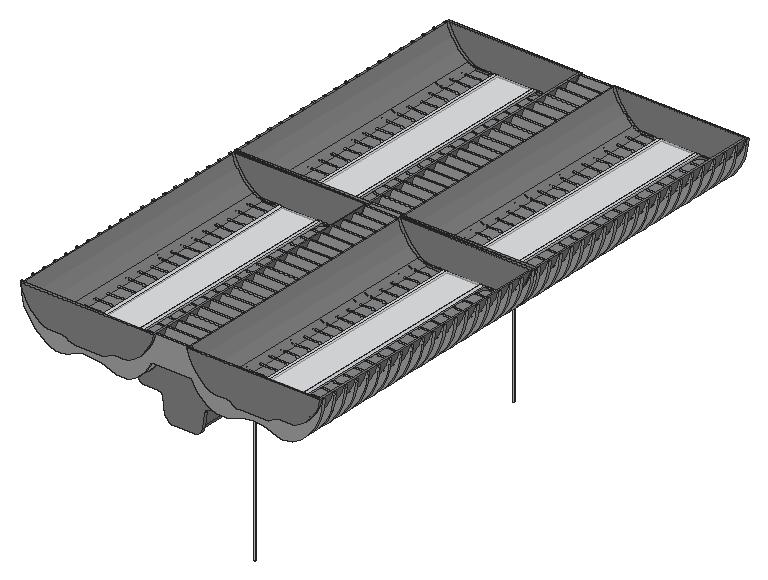
Revit family "0039270 Feilo Sylvania Lighting Fixtures SYLBAY LED 4000K 31KLM AISLE DALI", category Lighting Fixtures, host Face, Revit 2017
Family settings
  Host = Face
  Round Connector Dimension = Use Diameter
  Part Type = Normal
  OmniClass Number = 23.80.70.00
  OmniClass Title = Lighting
  Cut with Voids When Loaded = No
  Light Source = Yes
  Shared = No
  Room Calculation Point = No
Parameters (values of type "0039270 SYLBAY LED 4000K 31KLM AISLE DALI")
  WireRadius_FEILO = 1 mm
  Weight = "8.9 kg"
  Wattage Comments = "n/a"
  Wattage = 235 W
  WarrantyStartDate [instance] = "n/a"
  WarrantyGuarantorParts = "n/a"
  WarrantyDurationUnit = "n/a"
  WarrantyDurationParts = "n/a"
  WarrantyDescription = "n/a"
  built-in parameter 1150110 = 1 (stored number, unit not read)
  Voltage = 230 V
  URL = "http://www.sylvania-lighting.com"
  TypeName = "SYLBAY LED 4000K 31KLM AISLE DALI"
  Type Image = <None>
  Type Comments = "n/a"
  built-in parameter 1114217 = 1 (stored number, unit not read)
  Tilt Angle = -90.00°
  built-in parameter 1150109 = 1 (stored number, unit not read)
  built-in parameter 1150134 = 12
  SuspensionHeight_FEILO [instance] = if(SurfaceMounted_FEILO, 107 mm, SuspensionHeightEntry_FEILO)  # 300 mm
  SuspensionHeightEntry_FEILO [instance] = 300 mm
  SurfaceMounted_FEILO [instance] = no
  built-in parameter 1150113 = 1 (stored number, unit not read)
  SerialNumber [instance] = "n/a"
  ReflectorMaterial = none
  PowerFactor = 0
  PowerConsumption = "235 W"
  Photometric Web File = "0039270.ies"
  NominalLength = 650 mm
  NominalHeight = 105 mm
  NominalDepth = 375 mm
  Name = "SYLBAY LED 4000K 31KLM AISLE DALI"
  ModelReference = "SYLBAY LED 4000K 31KLM AISLE DALI"
  ModelNumber = "0039270"
  Model = "SYLBAY LED 4000K 31KLM AISLE DALI"
  Material = "aluminium housing"
  ManufacturerName = "Feilo Sylvania"
  Manufacturer = "Feilo Sylvania"
  LuminousEfficacy = "129.94 lm/W"
  built-in parameter 1150105 = 37377.9 (stored number, unit not read)
  Lumens = 30535.9 lm
  LuminaireType = ""
  built-in parameter 1150115 = 1 (stored number, unit not read)
  LightOutputRatio = "100"
  built-in parameter 1150137 = (empty or 0)
  built-in parameter 1150139 = (empty or 0)
  LampsType = Lamp  # "LED"
  LampNominalLuminous = "30535 lm"
  LampMacAdamStep = "n/a"
  LampColourTemperature = "4000 K"
  LampColourRenderingIndex = "80"
  built-in parameter 1150112 = 1 (stored number, unit not read)
  built-in parameter 1150114 = 1 (stored number, unit not read)
  Lamp = "LED"
  Keynote = "16500"
  InstallationDate [instance] = "n/a"
  InputVoltage = "220-240V~"
  InputNominalFrequency = "50/60 Hz"
  built-in parameter 1150132 = (empty or 0)
  built-in parameter 1150102 = (empty or 0)
  built-in parameter 1150107 = 4000 (stored number, unit not read)
  built-in parameter 1150138 = (empty or 0)
  IngressProtection = "IP65"
  ImpactProtectionIndex = "IK08"
  built-in parameter 1150106 = 373.78 (stored number, unit not read)
  IfcExportType = "IfcLightFixtureType"
  IfcExportAs = "IfcLightFixtureType"
  ExpectedLife = 50000
  Emit from Rectangle Width = 365 mm
  Emit from Rectangle Length = 645 mm
  Emit Shape Visible in Rendering = no
  ElectricShockClassification = "Class I"
  built-in parameter 1150104 = 12.072 (stored number, unit not read)
  DurationUnit = "hours"
  DocumentationLiterature = "http://www.sylvania-lighting.com/product/en-int/products/0039270"
  DimmingControlOptions = "Dimmable"
  Dimming Lamp Color Temperature Shift = <None>
  DiffuserMaterial = Diffuser-Sylvania-Sylbay-Transparent
  Description = "Specification industrial high bay luminaire, robust and durable, slim design, high output and efficiency, lightweight, aluminium housing with shatter-resistant polycarbonate lens optic, 30,500 lumens, 235W, 130lm/W, 4000K, 1750mA (x2), CRI 80, aisle beam optic, DALI dimmable, IP65, IK08, 100,000 hrs (L90B10), (LxWxH) 665x375x105mm, 3 step MacAdam ellipse, 8.9kg, aluminium finish, Class 1, 220-240V, integrated LED, energy class: A++, A+, A."
  Default Elevation = 1219.2 mm
  CreatedOn = "17/11/2017"
  CreatedBy = ""
  Cost = 0
  Color Filter = 16777215
  built-in parameter 1114216 [instance] = (empty or 0)
  BodyMaterial = Body-Sylvania-Sylbay-Aluminium
  BarCode [instance] = "n/a"
  built-in parameter 1114218 = 1 (stored number, unit not read)
  built-in parameter 1150133 = 10 (stored number, unit not read)
  AssetType = "Fixed"
  AssetIdentifier [instance] = "n/a"
  Assembly Code = "D5020200"
  Apparent Load = 235 VA
  AccessoryMaterial = Accesory-Sylvania-Sylbay-White
Reference planes
  plane 1 "Center (Front/Back)": y = 0
  plane 2: z = 0
  plane 3 "Center (Left/Right)": x = 0
  plane 4: z = 300
  plane 5: y = -307
  plane 6: y = 200
  plane 7: y = -200
  plane 8: z = 237.522
  plane 9: z = 246.272
  plane 10: z = 227.522
  plane 11: z = 266.272
  plane 12: z = 256.272
  plane 13: z = 262.272
  plane 14: y = 307
  plane 15: y = -1
  plane 16: y = 1
  plane 17: y = -310
  plane 18: y = 310
  plane 19: z = 195
  plane 20: z = 193
Forms (mm)
  Extrusion 1, solid, material "Accesory-Sylvania-Sylbay-White" <- "AccessoryMaterial"
    sketch origin (0, 0, 0) x (1, 0, 0) y (0, 0, 1)
      loop
        arc (-39.258, 246.272) -> (-44.534, 242.283) -> (-50.507, 239.445) r 32.519
        arc (-50.507, 239.445) -> (-54.463, 232.388) -> (-48, 227.522) r 6.147
        line (-48, 227.522) -> (-32.102, 227.522)
        arc (-32.102, 227.522) -> (-26.92, 225.616) -> (-24.206, 220.808) r 8
        line (-24.206, 220.808) -> (-21.094, 201.713)
        arc (-21.094, 201.713) -> (-18.38, 196.905) -> (-13.198, 195) r 8
        line (-13.198, 195) -> (13.198, 195)
        arc (13.198, 195) -> (18.393, 196.916) -> (21.099, 201.746) r 8
        line (21.099, 201.746) -> (24.206, 220.808)
        arc (24.206, 220.808) -> (26.92, 225.616) -> (32.102, 227.522) r 8
        line (32.102, 227.522) -> (48, 227.522)
        arc (48, 227.522) -> (54.463, 232.388) -> (50.507, 239.445) r 6.147
        arc (50.507, 239.445) -> (44.534, 242.283) -> (39.258, 246.272) r 32.519
        arc (39.258, 246.272) -> (31.199, 255.531) -> (25.254, 266.272) r 58.361
        line (25.254, 266.272) -> (-25.254, 266.272)
        arc (-25.254, 266.272) -> (-31.199, 255.531) -> (-39.258, 246.272) r 58.361
    from -307 to 307
  Extrusion 2, solid, material "Body-Sylvania-Sylbay-Aluminium" <- "BodyMaterial", detail levels medium+fine
    sketch origin (0, 0, 0) x (1, 0, 0) y (0, 0, 1)
      loop
        arc (-32.102, 225.522) -> (-28.215, 224.093) -> (-26.18, 220.487) r 6
        line (-26.18, 220.487) -> (-23.068, 201.392)
        arc (-23.068, 201.392) -> (-19.676, 195.381) -> (-13.198, 193) r 10
        line (-13.198, 193) -> (13.198, 193)
        arc (13.198, 193) -> (19.69, 195.393) -> (23.074, 201.428) r 10
        line (23.074, 201.428) -> (26.18, 220.487)
        arc (26.18, 220.487) -> (28.215, 224.093) -> (32.102, 225.522) r 6
        line (32.102, 225.522) -> (47.932, 225.522)
        arc (47.932, 225.522) -> (54.718, 228.451) -> (56.343, 235.661) r 8.147
        arc (56.343, 235.661) -> (55.292, 237.506) -> (53.445, 238.553) r 4
        arc (53.445, 238.553) -> (45.865, 241.518) -> (39.258, 246.272) r 32.519
        arc (39.258, 246.272) -> (32.89, 253.237) -> (27.728, 261.137) r 58.361
        arc (27.728, 261.137) -> (25.523, 263.429) -> (22.456, 264.272) r 6
        line (22.456, 264.272) -> (-22.456, 264.272)
        arc (-22.456, 264.272) -> (-25.523, 263.429) -> (-27.728, 261.137) r 6
        arc (-27.728, 261.137) -> (-32.89, 253.237) -> (-39.258, 246.272) r 58.361
        arc (-39.258, 246.272) -> (-45.865, 241.518) -> (-53.445, 238.553) r 32.519
        arc (-53.445, 238.553) -> (-55.292, 237.506) -> (-56.343, 235.661) r 4
        arc (-56.343, 235.661) -> (-54.718, 228.451) -> (-47.932, 225.522) r 8.147
        line (-47.932, 225.522) -> (-32.102, 225.522)
    from 307 to 310
  Extrusion 3, solid, detail levels medium+fine
    sketch origin (0, 0, 0) x (1, 0, 0) y (0, 0, 1)
      loop
        line (-47.932, 225.522) -> (-32.102, 225.522)
        arc (-32.102, 225.522) -> (-28.215, 224.093) -> (-26.18, 220.487) r 6
        line (-26.18, 220.487) -> (-23.068, 201.392)
        arc (-23.068, 201.392) -> (-19.676, 195.381) -> (-13.198, 193) r 10
        line (-13.198, 193) -> (13.198, 193)
        arc (13.198, 193) -> (19.69, 195.393) -> (23.074, 201.428) r 10
        line (23.074, 201.428) -> (26.18, 220.487)
        arc (26.18, 220.487) -> (28.215, 224.093) -> (32.102, 225.522) r 6
        line (32.102, 225.522) -> (47.932, 225.522)
        arc (47.932, 225.522) -> (54.718, 228.451) -> (56.343, 235.661) r 8.147
        arc (56.343, 235.661) -> (55.292, 237.506) -> (53.445, 238.553) r 4
        arc (53.445, 238.553) -> (45.865, 241.518) -> (39.258, 246.272) r 32.519
        arc (39.258, 246.272) -> (32.89, 253.237) -> (27.728, 261.137) r 58.361
        arc (27.728, 261.137) -> (25.523, 263.429) -> (22.456, 264.272) r 6
        line (22.456, 264.272) -> (-22.456, 264.272)
        arc (-22.456, 264.272) -> (-25.523, 263.429) -> (-27.728, 261.137) r 6
        arc (-27.728, 261.137) -> (-32.89, 253.237) -> (-39.258, 246.272) r 58.361
        arc (-39.258, 246.272) -> (-45.865, 241.518) -> (-53.445, 238.553) r 32.519
        arc (-53.445, 238.553) -> (-55.292, 237.506) -> (-56.343, 235.661) r 4
        arc (-56.343, 235.661) -> (-54.718, 228.451) -> (-47.932, 225.522) r 8.147
    from -310 to -307
  Extrusion 4, solid
    sketch origin (-316.531, -4572, 195) x (-1, 0, 0) y (0, -1, 0)
      loop
        circle (-316.531, -4772) r 1
      loop
        circle (-316.531, -4372) r 1
    from 0 to -195
Dimensions and locks
  "SuspensionHeight_FEILO": plane 4 to plane 2
  equal spacing: plane 7, plane 1 "Center (Front/Back)", plane 6
  locked: plane 1 "Center (Front/Back)" to plane 6 at 200
  locked: plane 4 to plane 8 at 62.478
  locked: plane 4 to plane 9 at 53.728
  plane 4 to plane 10 = 72.478 mm
  locked: plane 4 to plane 11 at 33.728
  locked: plane 12 to plane 9 at 10
  locked: plane 13 to plane 12 at 6
  locked: plane 3 "Center (Left/Right)" to Extrusion 1 sketch curve at 48.447
  locked: Extrusion 1 sketch curve to plane 3 "Center (Left/Right)" at 48.447
  locked: plane 4 to Extrusion 1 sketch curve at 66.347  (x2)
  Extrusion 1 sketch curve to plane 3 "Center (Left/Right)" to Extrusion 1 sketch curve = 13.198 mm locked, 13.198 mm locked
  Extrusion 1 sketch curve to plane 3 "Center (Left/Right)" to Extrusion 1 sketch curve = 32.102 mm locked, 32.102 mm locked
  locked: plane 4 to Extrusion 1 sketch curve at 97  (x2)
  locked: plane 4 to Extrusion 1 sketch curve at 80.478  (x2)
  equal spacing: plane 15, plane 1 "Center (Front/Back)", plane 16
  locked: plane 10 to Extrusion 2 sketch curve at 2
  plane 10 to Extrusion 2 sketch curve = 2 mm
  locked: Extrusion 2 sketch curve to Extrusion 1 at 2  (x2)
  locked: Extrusion 2 sketch curve to plane 3 "Center (Left/Right)" at 52.466
  locked: plane 3 "Center (Left/Right)" to Extrusion 2 sketch curve at 52.466
  locked: plane 4 to Extrusion 2 sketch curve at 65.325  (x2)
  locked: plane 4 to Extrusion 2 sketch curve at 41.728  (x2)
  locked: plane 3 "Center (Left/Right)" to Extrusion 2 sketch curve at 22.456
  locked: Extrusion 2 sketch curve to plane 3 "Center (Left/Right)" at 22.456
  locked: plane 4 to plane 19 at 105
  locked: plane 19 to plane 20 at 2
  locked: plane 1 "Center (Front/Back)" to plane 18 at 310
  locked: plane 14 to plane 18 at 3
  locked: plane 17 to plane 1 "Center (Front/Back)" at 310
  locked: plane 17 to plane 5 at 3
  locked: plane 15 to plane 1 "Center (Front/Back)" at 1
  "WireRadius_FEILO": radius of Extrusion 4 sketch curve  (x2)
  aligned and locked: plane 2 to host face
  aligned and locked: level to host face
  aligned and locked: plane 10 to Extrusion 1 sketch curve
  aligned and locked: plane 5 to Extrusion 1
  aligned and locked: Extrusion 1 to plane 14
  aligned and locked: imposter light to plane 4
  aligned and locked: plane 3 "Center (Left/Right)" to imposter light
  aligned and locked: plane 1 "Center (Front/Back)" to imposter light
  aligned and locked: plane 17 to Extrusion 2
  aligned and locked: Extrusion 2 to plane 5
  aligned and locked: Extrusion 3 sketch curve to Extrusion 2  (x15)
  aligned and locked: Extrusion 3 to Extrusion 1
  aligned and locked: Extrusion 3 to plane 18
  aligned and locked: Extrusion 1 sketch curve to plane 19
  aligned and locked: plane 7 to Extrusion 4 sketch curve
  aligned and locked: plane 3 "Center (Left/Right)" to Extrusion 4 sketch curve  (x2)
  aligned and locked: plane 6 to Extrusion 4 sketch curve
  aligned and locked: Extrusion 1 to Extrusion 4
  aligned and locked: Extrusion 4 to level
  aligned and locked: plane 20 to Extrusion 2 sketch curve
  aligned and locked: plane 3 "Center (Left/Right)" to nested 1
  aligned and locked: plane 3 "Center (Left/Right)" to nested 22
  aligned and locked: plane 15 to nested 22
  aligned and locked: plane 16 to nested 1
Automatic sketch dimensions
  host sketch curve to host sketch curve = 2438.4 mm  (x2)
  Extrusion 1 sketch curve to plane 9 = 0 mm  (x4)
  Extrusion 1 sketch curve to plane 10 = 0 mm
  plane 11 to Extrusion 1 sketch curve = 3.811 mm
  Extrusion 1 sketch curve to Extrusion 1 sketch curve = 36.151 mm  (x2)
  Extrusion 1 sketch curve to plane 4 = 10.994 mm  (x2)
  Extrusion 1 sketch curve to plane 11 = 0 mm
  plane 9 to Extrusion 1 sketch curve = 23.811 mm
  Extrusion 1 sketch curve to plane 10 = 6.713 mm  (x2)
  plane 19 to Extrusion 1 sketch curve = 6.713 mm
  Extrusion 3 sketch curve to plane 10 = 7.035 mm  (x2)
  plane 19 to Extrusion 3 sketch curve = 6.392 mm
  plane 19 to Extrusion 1 sketch curve = 6.746 mm
  plane 19 to Extrusion 3 sketch curve = 6.428 mm
  plane 3 "Center (Left/Right)" to Extrusion 1 sketch curve = 25.254 mm
  Extrusion 1 sketch curve to Extrusion 1 sketch curve = 0.447 mm  (x2)
  Extrusion 1 sketch curve to Extrusion 1 sketch curve = 12.959 mm
  Extrusion 2 sketch curve to plane 9 = 0 mm  (x4)
  plane 11 to Extrusion 2 sketch curve = 3.811 mm  (x2)
  Extrusion 2 sketch curve to Extrusion 2 sketch curve = 8.939 mm  (x2)
  Extrusion 2 sketch curve to plane 4 = 10.994 mm  (x2)
  Extrusion 2 sketch curve to Extrusion 2 sketch curve = 17.6 mm  (x2)
  Extrusion 2 sketch curve to Extrusion 2 sketch curve = 4.02 mm  (x2)
  Extrusion 2 sketch curve to Extrusion 2 sketch curve = 0.514 mm
  Extrusion 2 sketch curve to plane 10 = 8 mm
  Extrusion 2 sketch curve to plane 10 = 7.035 mm  (x2)
  plane 19 to Extrusion 2 sketch curve = 6.392 mm
  plane 19 to Extrusion 2 sketch curve = 8 mm
  plane 3 "Center (Left/Right)" to Extrusion 2 sketch curve = 13.198 mm
  plane 19 to Extrusion 2 sketch curve = 6.428 mm
  Extrusion 2 sketch curve to Extrusion 2 sketch curve = 5.922 mm
  Extrusion 2 sketch curve to Extrusion 2 sketch curve = 4.534 mm
  Extrusion 2 sketch curve to plane 8 = 3.869 mm  (x2)
  Extrusion 2 sketch curve to plane 11 = 2 mm
  Extrusion 2 sketch curve to Extrusion 2 sketch curve = 0 mm  (x2)
Nested families
  nested 1: "SylbayBody" at (0, 166, 266.272), type "SylbayBody"
  nested 2: "SlybayRib" at (0, 310.453, 300), type "SylbayRib"
  nested 3: "SlybayRib" at (0, 293.406, 300), type "SylbayRib"
  nested 4: "SlybayRib" at (0, 276.358, 300), type "SylbayRib"
  nested 5: "SlybayRib" at (0, 259.311, 300), type "SylbayRib"
  nested 6: "SlybayRib" at (0, 242.264, 300), type "SylbayRib"
  nested 7: "SlybayRib" at (0, 225.217, 300), type "SylbayRib"
  nested 8: "SlybayRib" at (0, 208.169, 300), type "SylbayRib"
  nested 9: "SlybayRib" at (0, 191.122, 300), type "SylbayRib"
  nested 10: "SlybayRib" at (0, 327.5, 300), type "SylbayRib"
  nested 11: "SlybayRib" at (0, 21.547, 300), type "SylbayRib"
  nested 12: "SlybayRib" at (0, 38.594, 300), type "SylbayRib"
  nested 13: "SlybayRib" at (0, 55.642, 300), type "SylbayRib"
  nested 14: "SlybayRib" at (0, 72.689, 300), type "SylbayRib"
  nested 15: "SlybayRib" at (0, 89.736, 300), type "SylbayRib"
  nested 16: "SlybayRib" at (0, 106.783, 300), type "SylbayRib"
  nested 17: "SlybayRib" at (0, 123.831, 300), type "SylbayRib"
  nested 18: "SlybayRib" at (0, 140.878, 300), type "SylbayRib"
  nested 19: "SlybayRib" at (0, 4.5, 300), type "SylbayRib"
  nested 20: "SlybayRib" at (0, 174.075, 300), type "SylbayRib"
  nested 21: "SlybayRib" at (0, 157.925, 300), type "SylbayRib"
  nested 22: "SylbayBody" at (0, -166, 266.272), type "SylbayBody"
  nested 23: "SlybayRib" at (0, -21.547, 300), type "SylbayRib"
  nested 24: "SlybayRib" at (0, -38.594, 300), type "SylbayRib"
  nested 25: "SlybayRib" at (0, -55.642, 300), type "SylbayRib"
  nested 26: "SlybayRib" at (0, -72.689, 300), type "SylbayRib"
  nested 27: "SlybayRib" at (0, -89.736, 300), type "SylbayRib"
  nested 28: "SlybayRib" at (0, -106.783, 300), type "SylbayRib"
  nested 29: "SlybayRib" at (0, -123.831, 300), type "SylbayRib"
  nested 30: "SlybayRib" at (0, -140.878, 300), type "SylbayRib"
  nested 31: "SlybayRib" at (0, -4.5, 300), type "SylbayRib"
  nested 32: "SlybayRib" at (0, -310.453, 300), type "SylbayRib"
  nested 33: "SlybayRib" at (0, -293.406, 300), type "SylbayRib"
  nested 34: "SlybayRib" at (0, -276.358, 300), type "SylbayRib"
  nested 35: "SlybayRib" at (0, -259.311, 300), type "SylbayRib"
  nested 36: "SlybayRib" at (0, -242.264, 300), type "SylbayRib"
  nested 37: "SlybayRib" at (0, -225.217, 300), type "SylbayRib"
  nested 38: "SlybayRib" at (0, -208.169, 300), type "SylbayRib"
  nested 39: "SlybayRib" at (0, -191.122, 300), type "SylbayRib"
  nested 40: "SlybayRib" at (0, -327.5, 300), type "SylbayRib"
  nested 41: "SlybayRib" at (0, -157.925, 300), type "SylbayRib"
  nested 42: "SlybayRib" at (0, -174.075, 300), type "SylbayRib"
Connectors
  electrical at (0, 0, 0), driven by "Apparent Load"
    settings: index 1, voltage 230 V, apparent load 235 VA, apparent load phase1 0 VA, apparent load phase2 0 VA, apparent load phase3 0 VA, power factor 0, load classification "Lighting", number of poles 1, system type 30, power factor state 1, is connector primary yes, connector utility no, sub classification motor no, connector description ""
Definition of nested family "SylbayBody"
  Parameters (values of type "SylbayBody")
    URL = "http://www.feilosylvania.com"
    Type Image = (empty or 0)
    Type Comments = "n/a"
    RibLast_FEILO = 161.5 mm
    RibDistance_FEILO = RibLast_FEILO / 10  # 16.15 mm
    ReflectorMaterial = none
    Model = ""
    Manufacturer = "Feilo Sylvania"
    Keynote = ""
    DiffuserMaterial = none
    Description = "n/a"
    Default Elevation = 1219.2 mm
    Cost = 0
    BodyMaterial = none
    Assembly Code = "D5020200"
    AccessoryMaterial = none
  Reference planes
    plane 1 "Center (Front/Back)": y = 0
    plane 2: z = 0
    plane 3 "Center (Left/Right)": x = 0
    plane 4: x = -187.5
    plane 5: x = 187.5
    plane 6: z = 33.728
    plane 7: y = -165
    plane 8: y = 165
    plane 9: y = -148
    plane 10: y = 160
    plane 11: y = -160
    plane 12: z = -28.75
    plane 13: z = -20
    plane 14: x = -102.75
    plane 15: x = 102.75
    plane 16: z = 0
    plane 17: x = -185.5
    plane 18: x = -20
    plane 19: z = -10
    plane 20: x = -122.75
    plane 21: x = -82.75
    plane 22: z = -4
    plane 23: x = -130.75
    plane 24: x = -74.75
    plane 25: x = -145.75
    plane 26: x = -59.75
    plane 27: x = -25.3
    plane 28: x = -183.5
    plane 29: x = -22
    plane 30: y = -163
    plane 31: y = 163
    plane 32: x = 25.3
    plane 33: x = -48
    plane 34: x = 48
    plane 35: x = 20
    plane 36: y = 148
    plane 37: y = -161.5
    plane 38: y = 161.5
    plane 39: y = -8.075
    plane 40: y = 8.075
    plane 41: y = -151
    plane 42: y = 151
    plane 43: y = 149
    plane 44: y = 152
    plane 45: z = -2
    plane 46: z = 0
  Forms (mm)
    Extrusion 1, solid
      sketch origin (4.2, 0, 0) x (1, 0, 0) y (0, 1, 0)
        loop
          line (-1219.2, 1219.2) -> (-1219.2, -1219.2) -> (1219.2, -1219.2) -> (1219.2, 1219.2) -> (-1219.2, 1219.2)
      from 0 to -304.8
    Extrusion 2, solid, material <- "BodyMaterial", detail levels coarse+medium
      sketch origin (0, 0, -234.25) x (1, 0, 0) y (0, 0, 1)
        loop
          arc (-187.5, 267.978) -> (-180.003, 237.85) -> (-159.829, 214.25) r 67.598
          arc (-159.829, 214.25) -> (-143.258, 206.411) -> (-125.169, 209.379) r 30.791
          arc (-125.169, 209.379) -> (-113.533, 213.402) -> (-101.25, 214.25) r 46.777
          arc (-101.25, 214.25) -> (-87.202, 212.214) -> (-73.664, 207.942) r 87.865
          arc (-73.664, 207.942) -> (-55.541, 206.076) -> (-39.258, 214.25) r 32.519
          arc (-39.258, 214.25) -> (-31.199, 223.509) -> (-25.254, 234.25) r 58.361
          line (-25.254, 234.25) -> (25.254, 234.25)
          arc (25.254, 234.25) -> (31.199, 223.509) -> (39.258, 214.25) r 58.361
          arc (39.258, 214.25) -> (55.541, 206.076) -> (73.664, 207.942) r 32.519
          arc (73.664, 207.942) -> (87.202, 212.214) -> (101.25, 214.25) r 87.865
          arc (101.25, 214.25) -> (113.533, 213.402) -> (125.169, 209.379) r 46.777
          arc (125.169, 209.379) -> (143.258, 206.411) -> (159.829, 214.25) r 30.791
          arc (159.829, 214.25) -> (180.003, 237.85) -> (187.5, 267.978) r 67.598
          line (187.5, 267.978) -> (185.5, 267.978)
          arc (185.5, 267.978) -> (176.042, 248.665) -> (160.084, 234.25) r 56.823
          arc (160.084, 234.25) -> (153.191, 231.269) -> (145.75, 230.25) r 27.682
          line (145.75, 230.25) -> (132.583, 230.25)
          arc (132.583, 230.25) -> (129.421, 229.737) -> (126.583, 228.25) r 10
          line (126.583, 228.25) -> (123.917, 226.25)
          arc (123.917, 226.25) -> (121.079, 224.763) -> (117.917, 224.25) r 10
          line (117.917, 224.25) -> (84.583, 224.25)
          arc (84.583, 224.25) -> (81.421, 224.763) -> (78.583, 226.25) r 10
          line (78.583, 226.25) -> (75.917, 228.25)
          arc (75.917, 228.25) -> (73.079, 229.737) -> (69.917, 230.25) r 10
          line (69.917, 230.25) -> (58.25, 230.25)
          arc (58.25, 230.25) -> (51.55, 231.273) -> (45.461, 234.25) r 22.443
          arc (45.461, 234.25) -> (30.027, 249.073) -> (20, 267.978) r 67.602
          line (20, 267.978) -> (-20, 267.978)
          arc (-20, 267.978) -> (-30.027, 249.073) -> (-45.461, 234.25) r 67.602
          arc (-45.461, 234.25) -> (-51.55, 231.273) -> (-58.25, 230.25) r 22.443
          line (-58.25, 230.25) -> (-69.917, 230.25)
          arc (-69.917, 230.25) -> (-73.079, 229.737) -> (-75.917, 228.25) r 10
          line (-75.917, 228.25) -> (-78.583, 226.25)
          arc (-78.583, 226.25) -> (-81.421, 224.763) -> (-84.583, 224.25) r 10
          line (-84.583, 224.25) -> (-117.917, 224.25)
          arc (-117.917, 224.25) -> (-121.079, 224.763) -> (-123.917, 226.25) r 10
          line (-123.917, 226.25) -> (-126.583, 228.25)
          arc (-126.583, 228.25) -> (-129.421, 229.737) -> (-132.583, 230.25) r 10
          line (-132.583, 230.25) -> (-145.75, 230.25)
          arc (-145.75, 230.25) -> (-153.191, 231.269) -> (-160.084, 234.25) r 27.682
          arc (-160.084, 234.25) -> (-176.042, 248.665) -> (-185.5, 267.978) r 56.823
          line (-185.5, 267.978) -> (-187.5, 267.978)
      from 160 to -160
    Extrusion 3, solid, material <- "BodyMaterial"
      sketch origin (0, 0, -234.25) x (1, 0, 0) y (0, 0, 1)
        loop
          arc (-145.75, 230.25) -> (-152.168, 231.276) -> (-157.947, 234.25) r 20.597
          arc (-157.947, 234.25) -> (-173.175, 249.257) -> (-183.5, 267.978) r 74.319
          line (-183.5, 267.978) -> (-185.5, 267.978)
          arc (-185.5, 267.978) -> (-176.042, 248.665) -> (-160.084, 234.25) r 56.823
          arc (-160.084, 234.25) -> (-153.191, 231.269) -> (-145.75, 230.25) r 27.682
        loop
          arc (-45.461, 234.25) -> (-30.027, 249.073) -> (-20, 267.978) r 67.602
          line (-20, 267.978) -> (-22, 267.978)
          arc (-22, 267.978) -> (-31.964, 249.398) -> (-46.63, 234.25) r 76.357
          arc (-46.63, 234.25) -> (-52.105, 231.278) -> (-58.25, 230.25) r 18.878
          arc (-58.25, 230.25) -> (-51.55, 231.273) -> (-45.461, 234.25) r 22.443
        loop
          arc (145.75, 230.25) -> (153.191, 231.269) -> (160.084, 234.25) r 27.682
          arc (160.084, 234.25) -> (176.042, 248.665) -> (185.5, 267.978) r 56.823
          line (185.5, 267.978) -> (183.5, 267.978)
          arc (183.5, 267.978) -> (173.175, 249.257) -> (157.947, 234.25) r 74.319
          arc (157.947, 234.25) -> (152.168, 231.276) -> (145.75, 230.25) r 20.597
        loop
          arc (45.461, 234.25) -> (51.55, 231.273) -> (58.25, 230.25) r 22.443
          arc (58.25, 230.25) -> (52.105, 231.278) -> (46.63, 234.25) r 18.878
          arc (46.63, 234.25) -> (31.964, 249.398) -> (22, 267.978) r 76.357
          line (22, 267.978) -> (20, 267.978)
          arc (20, 267.978) -> (30.027, 249.073) -> (45.461, 234.25) r 67.602
      from -160 to 160
    Extrusion 4, solid, material <- "BodyMaterial"
      sketch origin (0, -165, -843.85) x (0, 0, -1) y (1, 0, 0)
        loop
          arc (-837.85, -132.583) -> (-837.439, -130.054) -> (-836.25, -127.783) r 8
          line (-836.25, -127.783) -> (-834.25, -125.117)
          arc (-834.25, -125.117) -> (-832.466, -121.711) -> (-831.85, -117.917) r 12
          line (-831.85, -117.917) -> (-831.85, -84.583)
          arc (-831.85, -84.583) -> (-832.466, -80.789) -> (-834.25, -77.383) r 12
          line (-834.25, -77.383) -> (-836.25, -74.717)
          arc (-836.25, -74.717) -> (-837.439, -72.446) -> (-837.85, -69.917) r 8
          line (-837.85, -69.917) -> (-837.85, -58.25)
          arc (-837.85, -58.25) -> (-838.965, -50.953) -> (-842.206, -44.322) r 24.443
          arc (-842.206, -44.322) -> (-857.666, -28.923) -> (-877.578, -20) r 60.581
          line (-877.578, -20) -> (-877.578, -22)
          arc (-877.578, -22) -> (-858.998, -31.964) -> (-843.85, -46.63) r 76.357
          arc (-843.85, -46.63) -> (-840.878, -52.105) -> (-839.85, -58.25) r 18.878
          line (-839.85, -58.25) -> (-839.85, -69.917)
          arc (-839.85, -69.917) -> (-839.337, -73.079) -> (-837.85, -75.917) r 10
          line (-837.85, -75.917) -> (-835.85, -78.583)
          arc (-835.85, -78.583) -> (-834.363, -81.421) -> (-833.85, -84.583) r 10
          line (-833.85, -84.583) -> (-833.85, -117.917)
          arc (-833.85, -117.917) -> (-834.363, -121.079) -> (-835.85, -123.917) r 10
          line (-835.85, -123.917) -> (-837.85, -126.583)
          arc (-837.85, -126.583) -> (-839.337, -129.421) -> (-839.85, -132.583) r 10
          line (-839.85, -132.583) -> (-839.85, -145.75)
          arc (-839.85, -145.75) -> (-840.876, -152.168) -> (-843.85, -157.947) r 20.597
          arc (-843.85, -157.947) -> (-858.857, -173.175) -> (-877.578, -183.5) r 74.319
          line (-877.578, -183.5) -> (-877.578, -185.5)
          arc (-877.578, -185.5) -> (-857.235, -177.123) -> (-842.139, -161.119) r 52.287
          arc (-842.139, -161.119) -> (-838.942, -153.728) -> (-837.85, -145.75) r 29.682
          line (-837.85, -145.75) -> (-837.85, -132.583)
        loop
          line (-837.85, 132.583) -> (-837.85, 145.75)
          arc (-837.85, 145.75) -> (-838.942, 153.728) -> (-842.139, 161.119) r 29.682
          arc (-842.139, 161.119) -> (-857.235, 177.123) -> (-877.578, 185.5) r 52.287
          line (-877.578, 185.5) -> (-877.578, 183.5)
          arc (-877.578, 183.5) -> (-858.857, 173.175) -> (-843.85, 157.947) r 74.319
          arc (-843.85, 157.947) -> (-840.876, 152.168) -> (-839.85, 145.75) r 20.597
          line (-839.85, 145.75) -> (-839.85, 132.583)
          arc (-839.85, 132.583) -> (-839.337, 129.421) -> (-837.85, 126.583) r 10
          line (-837.85, 126.583) -> (-835.85, 123.917)
          arc (-835.85, 123.917) -> (-834.363, 121.079) -> (-833.85, 117.917) r 10
          line (-833.85, 117.917) -> (-833.85, 84.583)
          arc (-833.85, 84.583) -> (-834.363, 81.421) -> (-835.85, 78.583) r 10
          line (-835.85, 78.583) -> (-837.85, 75.917)
          arc (-837.85, 75.917) -> (-839.337, 73.079) -> (-839.85, 69.917) r 10
          line (-839.85, 69.917) -> (-839.85, 58.25)
          arc (-839.85, 58.25) -> (-840.878, 52.105) -> (-843.85, 46.63) r 18.878
          arc (-843.85, 46.63) -> (-858.998, 31.964) -> (-877.578, 22) r 76.357
          line (-877.578, 22) -> (-877.578, 20)
          arc (-877.578, 20) -> (-857.666, 28.923) -> (-842.206, 44.322) r 60.581
          arc (-842.206, 44.322) -> (-838.965, 50.953) -> (-837.85, 58.25) r 24.443
          line (-837.85, 58.25) -> (-837.85, 69.917)
          arc (-837.85, 69.917) -> (-837.439, 72.446) -> (-836.25, 74.717) r 8
          line (-836.25, 74.717) -> (-834.25, 77.383)
          arc (-834.25, 77.383) -> (-832.466, 80.789) -> (-831.85, 84.583) r 12
          line (-831.85, 84.583) -> (-831.85, 117.917)
          arc (-831.85, 117.917) -> (-832.466, 121.711) -> (-834.25, 125.117) r 12
          line (-834.25, 125.117) -> (-836.25, 127.783)
          arc (-836.25, 127.783) -> (-837.439, 130.054) -> (-837.85, 132.583) r 8
      from -2 to -5
    Extrusion 5, solid, material <- "BodyMaterial"
      sketch origin (0, 165, -843.85) x (0, 0, -1) y (1, 0, 0)
        loop
          line (-831.85, -117.917) -> (-831.85, -84.583)
          arc (-831.85, -84.583) -> (-832.466, -80.789) -> (-834.25, -77.383) r 12
          line (-834.25, -77.383) -> (-836.25, -74.717)
          arc (-836.25, -74.717) -> (-837.439, -72.446) -> (-837.85, -69.917) r 8
          line (-837.85, -69.917) -> (-837.85, -58.25)
          arc (-837.85, -58.25) -> (-838.965, -50.953) -> (-842.206, -44.322) r 24.443
          arc (-842.206, -44.322) -> (-857.666, -28.923) -> (-877.578, -20) r 60.581
          line (-877.578, -20) -> (-877.578, -22)
          arc (-877.578, -22) -> (-858.998, -31.964) -> (-843.85, -46.63) r 76.357
          arc (-843.85, -46.63) -> (-840.878, -52.105) -> (-839.85, -58.25) r 18.878
          line (-839.85, -58.25) -> (-839.85, -69.917)
          arc (-839.85, -69.917) -> (-839.337, -73.079) -> (-837.85, -75.917) r 10
          line (-837.85, -75.917) -> (-835.85, -78.583)
          arc (-835.85, -78.583) -> (-834.363, -81.421) -> (-833.85, -84.583) r 10
          line (-833.85, -84.583) -> (-833.85, -117.917)
          arc (-833.85, -117.917) -> (-834.363, -121.079) -> (-835.85, -123.917) r 10
          line (-835.85, -123.917) -> (-837.85, -126.583)
          arc (-837.85, -126.583) -> (-839.337, -129.421) -> (-839.85, -132.583) r 10
          line (-839.85, -132.583) -> (-839.85, -145.75)
          arc (-839.85, -145.75) -> (-840.876, -152.168) -> (-843.85, -157.947) r 20.597
          arc (-843.85, -157.947) -> (-858.857, -173.175) -> (-877.578, -183.5) r 74.319
          line (-877.578, -183.5) -> (-877.578, -185.5)
          arc (-877.578, -185.5) -> (-857.235, -177.123) -> (-842.139, -161.119) r 52.287
          arc (-842.139, -161.119) -> (-838.942, -153.728) -> (-837.85, -145.75) r 29.682
          line (-837.85, -145.75) -> (-837.85, -132.583)
          arc (-837.85, -132.583) -> (-837.439, -130.054) -> (-836.25, -127.783) r 8
          line (-836.25, -127.783) -> (-834.25, -125.117)
          arc (-834.25, -125.117) -> (-832.466, -121.711) -> (-831.85, -117.917) r 12
        loop
          line (-831.85, 84.583) -> (-831.85, 117.917)
          arc (-831.85, 117.917) -> (-832.466, 121.711) -> (-834.25, 125.117) r 12
          line (-834.25, 125.117) -> (-836.25, 127.783)
          arc (-836.25, 127.783) -> (-837.439, 130.054) -> (-837.85, 132.583) r 8
          line (-837.85, 132.583) -> (-837.85, 145.75)
          arc (-837.85, 145.75) -> (-838.942, 153.728) -> (-842.139, 161.119) r 29.682
          arc (-842.139, 161.119) -> (-857.235, 177.123) -> (-877.578, 185.5) r 52.287
          line (-877.578, 185.5) -> (-877.578, 183.5)
          arc (-877.578, 183.5) -> (-858.857, 173.175) -> (-843.85, 157.947) r 74.319
          arc (-843.85, 157.947) -> (-840.876, 152.168) -> (-839.85, 145.75) r 20.597
          line (-839.85, 145.75) -> (-839.85, 132.583)
          arc (-839.85, 132.583) -> (-839.337, 129.421) -> (-837.85, 126.583) r 10
          line (-837.85, 126.583) -> (-835.85, 123.917)
          arc (-835.85, 123.917) -> (-834.363, 121.079) -> (-833.85, 117.917) r 10
          line (-833.85, 117.917) -> (-833.85, 84.583)
          arc (-833.85, 84.583) -> (-834.363, 81.421) -> (-835.85, 78.583) r 10
          line (-835.85, 78.583) -> (-837.85, 75.917)
          arc (-837.85, 75.917) -> (-839.337, 73.079) -> (-839.85, 69.917) r 10
          line (-839.85, 69.917) -> (-839.85, 58.25)
          arc (-839.85, 58.25) -> (-840.878, 52.105) -> (-843.85, 46.63) r 18.878
          arc (-843.85, 46.63) -> (-858.998, 31.964) -> (-877.578, 22) r 76.357
          line (-877.578, 22) -> (-877.578, 20)
          arc (-877.578, 20) -> (-857.666, 28.923) -> (-842.206, 44.322) r 60.581
          arc (-842.206, 44.322) -> (-838.965, 50.953) -> (-837.85, 58.25) r 24.443
          line (-837.85, 58.25) -> (-837.85, 69.917)
          arc (-837.85, 69.917) -> (-837.439, 72.446) -> (-836.25, 74.717) r 8
          line (-836.25, 74.717) -> (-834.25, 77.383)
          arc (-834.25, 77.383) -> (-832.466, 80.789) -> (-831.85, 84.583) r 12
      from 2 to 5
    Extrusion 6, solid, material <- "BodyMaterial"
      sketch origin (0, 165, -843.85) x (0, 0, -1) y (1, 0, 0)
        loop
          arc (-842.206, -44.322) -> (-857.666, -28.923) -> (-877.578, -20) r 60.581
          line (-877.578, -20) -> (-877.578, -185.5)
          arc (-877.578, -185.5) -> (-857.235, -177.123) -> (-842.139, -161.119) r 52.287
          arc (-842.139, -161.119) -> (-838.942, -153.728) -> (-837.85, -145.75) r 29.682
          line (-837.85, -145.75) -> (-837.85, -132.583)
          arc (-837.85, -132.583) -> (-837.439, -130.054) -> (-836.25, -127.783) r 8
          line (-836.25, -127.783) -> (-834.25, -125.117)
          arc (-834.25, -125.117) -> (-832.466, -121.711) -> (-831.85, -117.917) r 12
          line (-831.85, -117.917) -> (-831.85, -84.583)
          arc (-831.85, -84.583) -> (-832.466, -80.789) -> (-834.25, -77.383) r 12
          line (-834.25, -77.383) -> (-836.25, -74.717)
          arc (-836.25, -74.717) -> (-837.439, -72.446) -> (-837.85, -69.917) r 8
          line (-837.85, -69.917) -> (-837.85, -58.25)
          arc (-837.85, -58.25) -> (-838.965, -50.953) -> (-842.206, -44.322) r 24.443
        loop
          arc (-877.578, 20) -> (-857.666, 28.923) -> (-842.206, 44.322) r 60.581
          arc (-842.206, 44.322) -> (-838.965, 50.953) -> (-837.85, 58.25) r 24.443
          line (-837.85, 58.25) -> (-837.85, 69.917)
          arc (-837.85, 69.917) -> (-837.439, 72.446) -> (-836.25, 74.717) r 8
          line (-836.25, 74.717) -> (-834.25, 77.383)
          arc (-834.25, 77.383) -> (-832.466, 80.789) -> (-831.85, 84.583) r 12
          line (-831.85, 84.583) -> (-831.85, 117.917)
          arc (-831.85, 117.917) -> (-832.466, 121.711) -> (-834.25, 125.117) r 12
          line (-834.25, 125.117) -> (-836.25, 127.783)
          arc (-836.25, 127.783) -> (-837.439, 130.054) -> (-837.85, 132.583) r 8
          line (-837.85, 132.583) -> (-837.85, 145.75)
          arc (-837.85, 145.75) -> (-838.942, 153.728) -> (-842.139, 161.119) r 29.682
          arc (-842.139, 161.119) -> (-857.235, 177.123) -> (-877.578, 185.5) r 52.287
          line (-877.578, 185.5) -> (-877.578, 20)
      from 0 to 2
    Extrusion 7, solid, material <- "BodyMaterial"
      sketch origin (0, -165, -843.85) x (0, 0, -1) y (1, 0, 0)
        loop
          line (-877.578, -20) -> (-877.578, -185.5)
          arc (-877.578, -185.5) -> (-857.235, -177.123) -> (-842.139, -161.119) r 52.287
          arc (-842.139, -161.119) -> (-838.942, -153.728) -> (-837.85, -145.75) r 29.682
          line (-837.85, -145.75) -> (-837.85, -132.583)
          arc (-837.85, -132.583) -> (-837.439, -130.054) -> (-836.25, -127.783) r 8
          line (-836.25, -127.783) -> (-834.25, -125.117)
          arc (-834.25, -125.117) -> (-832.466, -121.711) -> (-831.85, -117.917) r 12
          line (-831.85, -117.917) -> (-831.85, -84.583)
          arc (-831.85, -84.583) -> (-832.466, -80.789) -> (-834.25, -77.383) r 12
          line (-834.25, -77.383) -> (-836.25, -74.717)
          arc (-836.25, -74.717) -> (-837.439, -72.446) -> (-837.85, -69.917) r 8
          line (-837.85, -69.917) -> (-837.85, -58.25)
          arc (-837.85, -58.25) -> (-838.965, -50.953) -> (-842.206, -44.322) r 24.443
          arc (-842.206, -44.322) -> (-857.666, -28.923) -> (-877.578, -20) r 60.581
        loop
          line (-877.578, 185.5) -> (-877.578, 20)
          arc (-877.578, 20) -> (-857.666, 28.923) -> (-842.206, 44.322) r 60.581
          arc (-842.206, 44.322) -> (-838.965, 50.953) -> (-837.85, 58.25) r 24.443
          line (-837.85, 58.25) -> (-837.85, 69.917)
          arc (-837.85, 69.917) -> (-837.439, 72.446) -> (-836.25, 74.717) r 8
          line (-836.25, 74.717) -> (-834.25, 77.383)
          arc (-834.25, 77.383) -> (-832.466, 80.789) -> (-831.85, 84.583) r 12
          line (-831.85, 84.583) -> (-831.85, 117.917)
          arc (-831.85, 117.917) -> (-832.466, 121.711) -> (-834.25, 125.117) r 12
          line (-834.25, 125.117) -> (-836.25, 127.783)
          arc (-836.25, 127.783) -> (-837.439, 130.054) -> (-837.85, 132.583) r 8
          line (-837.85, 132.583) -> (-837.85, 145.75)
          arc (-837.85, 145.75) -> (-838.942, 153.728) -> (-842.139, 161.119) r 29.682
          arc (-842.139, 161.119) -> (-857.235, 177.123) -> (-877.578, 185.5) r 52.287
      from 0 to -2
    Extrusion 8, solid, detail levels medium+fine
      sketch origin (0, 0, -234.25) x (1, 0, 0) y (0, 0, 1)
        loop
          arc (-123.917, 226.25) -> (-121.079, 224.763) -> (-117.917, 224.25) r 10
          line (-117.917, 224.25) -> (-84.583, 224.25)
          arc (-84.583, 224.25) -> (-81.421, 224.763) -> (-78.583, 226.25) r 10
          line (-78.583, 226.25) -> (-75.917, 228.25)
          arc (-75.917, 228.25) -> (-75.417, 229.25) -> (-75.917, 230.25) r 1.25
          line (-75.917, 230.25) -> (-79.782, 230.25) -> (-79.782, 228.278) -> (-122.75, 228.278) -> (-122.75, 230.25) -> (-126.583, 230.25)
          arc (-126.583, 230.25) -> (-127.083, 229.25) -> (-126.583, 228.25) r 1.25
          line (-126.583, 228.25) -> (-123.917, 226.25)
        loop
          line (123.917, 226.25) -> (126.583, 228.25)
          arc (126.583, 228.25) -> (127.083, 229.25) -> (126.583, 230.25) r 1.25
          line (126.583, 230.25) -> (122.75, 230.25) -> (122.75, 228.278) -> (79.782, 228.278) -> (79.782, 230.25) -> (75.917, 230.25)
          arc (75.917, 230.25) -> (75.417, 229.25) -> (75.917, 228.25) r 1.25
          line (75.917, 228.25) -> (78.583, 226.25)
          arc (78.583, 226.25) -> (81.421, 224.763) -> (84.583, 224.25) r 10
          line (84.583, 224.25) -> (117.917, 224.25)
          arc (117.917, 224.25) -> (121.079, 224.763) -> (123.917, 226.25) r 10
      from -163 to 163
    Extrusion 9, solid, material <- "DiffuserMaterial", detail levels medium+fine
      sketch origin (0, 0, -234.25) x (1, 0, 0) y (0, 0, 1)
        loop
          line (-122.75, 230.25) -> (-122.75, 228.278) -> (-79.782, 228.278) -> (-79.782, 230.25) -> (-122.75, 230.25)
        loop
          line (79.782, 230.25) -> (79.782, 228.278) -> (122.75, 228.278) -> (122.75, 230.25) -> (79.782, 230.25)
      from -163 to 163
  Cuts and joins
    joined: Extrusion 3, Extrusion 4, Extrusion 5, Extrusion 6, Extrusion 7
  Dimensions and locks
    equal spacing: plane 5, plane 3 "Center (Left/Right)", plane 4
    locked: plane 5 to plane 4 at 375
    equal spacing: plane 7, plane 1 "Center (Front/Back)", plane 8
    locked: plane 7 to plane 8 at 330
    locked: plane 6 to plane 12 at 62.478
    locked: plane 6 to plane 13 at 53.728
    equal spacing: plane 15, plane 3 "Center (Left/Right)", plane 14
    plane 3 "Center (Left/Right)" to plane 14 = 102.75 mm
    locked: plane 6 to plane 16 at 33.728
    equal spacing: plane 18, plane 14, plane 17
    locked: plane 19 to plane 13 at 10
    equal spacing: plane 21, plane 14, plane 20
    locked: plane 14 to plane 20 at 20
    locked: plane 22 to plane 19 at 6
    equal spacing: plane 24, plane 14, plane 23
    locked: plane 20 to plane 23 at 8
    equal spacing: plane 26, plane 14, plane 25
    locked: plane 23 to plane 25 at 15
    locked: plane 18 to plane 27 at 5.3
    locked: plane 3 "Center (Left/Right)" to Extrusion 2 sketch curve at 83.982  (x2)
    locked: plane 3 "Center (Left/Right)" to Extrusion 2 sketch curve at 79.005  (x2)
    locked: plane 3 "Center (Left/Right)" to Extrusion 2 sketch curve at 119.907  (x2)
    locked: plane 3 "Center (Left/Right)" to Extrusion 2 sketch curve at 61.405  (x2)
    locked: plane 3 "Center (Left/Right)" to Extrusion 2 sketch curve at 138.973  (x2)
    locked: plane 3 "Center (Left/Right)" to Extrusion 2 sketch curve at 84.583  (x2)
    locked: plane 3 "Center (Left/Right)" to Extrusion 2 sketch curve at 117.917  (x2)
    locked: plane 3 "Center (Left/Right)" to Extrusion 2 sketch curve at 132.583  (x2)
    locked: plane 3 "Center (Left/Right)" to Extrusion 2 sketch curve at 69.917  (x2)
    locked: Extrusion 2 sketch curve to plane 6 at 21.825  (x2)
    locked: Extrusion 2 sketch curve to plane 6 at 0.822  (x2)
    locked: plane 6 to Extrusion 2 sketch curve at 10.994  (x2)
    locked: plane 6 to Extrusion 2 sketch curve at 15.285  (x2)
    locked: plane 6 to Extrusion 2 sketch curve at 31.076  (x2)
    locked: plane 6 to Extrusion 2 sketch curve at 33.728  (x4)
    locked: plane 6 to Extrusion 2 sketch curve at 29.917  (x2)
    locked: plane 6 to Extrusion 2 sketch curve at 47.728  (x4)
    locked: plane 6 to Extrusion 2 sketch curve at 100.413  (x2)
    locked: plane 6 to Extrusion 2 sketch curve at 141.419  (x2)
    locked: plane 3 "Center (Left/Right)" to Extrusion 2 sketch curve at 106.788  (x2)
    locked: plane 3 "Center (Left/Right)" to Extrusion 2 sketch curve at 104.198  (x2)
    locked: plane 3 "Center (Left/Right)" to Extrusion 2 sketch curve at 145.75  (x2)
    locked: plane 6 to Extrusion 2 sketch curve at 10.046  (x2)
    locked: Extrusion 2 sketch curve to plane 6 at 14.884  (x2)
    locked: plane 3 "Center (Left/Right)" to Extrusion 2 sketch curve at 130.661  (x2)
    equal spacing: plane 29, plane 14, plane 28
    locked: plane 28 to plane 17 at 2
    locked: plane 3 "Center (Left/Right)" to Extrusion 3 sketch curve at 58.25  (x2)
    locked: plane 3 "Center (Left/Right)" to Extrusion 3 sketch curve at 93.629  (x2)
    locked: plane 3 "Center (Left/Right)" to Extrusion 3 sketch curve at 113.936  (x2)
    locked: plane 3 "Center (Left/Right)" to Extrusion 3 sketch curve at 145.75  (x2)
    locked: plane 6 to Extrusion 3 sketch curve at 18.85  (x2)
    locked: plane 6 to Extrusion 3 sketch curve at 17.131  (x2)
    equal spacing: plane 11, plane 1 "Center (Front/Back)", plane 10
    plane 11 to plane 1 "Center (Front/Back)" = 160 mm
    equal spacing: plane 30, plane 1 "Center (Front/Back)", plane 31
    locked: plane 7 to plane 30 at 2
    locked: plane 22 to Extrusion 4 sketch curve at 2  (x4)
    locked: plane 19 to Extrusion 4 sketch curve at 2  (x2)
    locked: Extrusion 2 to Extrusion 4 sketch curve at 2  (x3)
    locked: Extrusion 4 sketch curve to Extrusion 2 at 2
    locked: Extrusion 8 sketch curve to plane 20 at 42.968
    locked: plane 22 to Extrusion 8 sketch curve at 1.972  (x2)
    locked: Extrusion 8 sketch curve to Extrusion 8 sketch curve at 42.968
    locked: plane 15 to Extrusion 8 sketch curve at 22.968
    equal spacing: plane 32, plane 3 "Center (Left/Right)", plane 27
    equal spacing: plane 34, plane 3 "Center (Left/Right)", plane 33
    plane 3 "Center (Left/Right)" to plane 33 = 48 mm
    equal spacing: plane 35, plane 3 "Center (Left/Right)", plane 18
    locked: plane 3 "Center (Left/Right)" to plane 18 at 20
    equal spacing: plane 9, plane 1 "Center (Front/Back)", plane 36
    locked: plane 9 to plane 1 "Center (Front/Back)" at 148
    equal spacing: plane 37, plane 1 "Center (Front/Back)", plane 38
    "RibLast_FEILO": plane 37 to plane 1 "Center (Front/Back)"
    equal spacing: plane 39, plane 1 "Center (Front/Back)", plane 40
    "RibDistance_FEILO": plane 39 to plane 40
    equal spacing: group 1, group 3, group 4, group 5, group 6, group 7, group 8, group 9, group 10, group 2  (x2)
    equal spacing: group 2, group 10, group 9, group 8, group 7, group 6, group 5, group 4, group 3, group 1
    equal spacing: group 11, group 13, group 14, group 15, group 16, group 17, group 18, group 19, group 20, group 12  (x3)
    equal spacing: plane 41, plane 1 "Center (Front/Back)", plane 42
    locked: plane 36 to plane 42 at 3
    locked: plane 36 to plane 43 at 1
    locked: plane 36 to plane 44 at 4
    locked: plane 16 to plane 45 at 2
    aligned and locked: plane 2 to Extrusion 1
    aligned and locked: level to Extrusion 1
    aligned and locked: plane 6 to Extrusion 2 sketch curve  (x2)
    aligned and locked: plane 4 to Extrusion 2 sketch curve
    aligned and locked: plane 22 to Extrusion 2 sketch curve
    aligned and locked: plane 19 to Extrusion 2 sketch curve
    aligned and locked: Extrusion 2 sketch curve to plane 22
    aligned and locked: plane 13 to Extrusion 2 sketch curve  (x3)
    aligned and locked: plane 11 to Extrusion 2
    aligned and locked: plane 17 to Extrusion 2 sketch curve
    aligned and locked: plane 25 to Extrusion 2 sketch curve
    aligned and locked: Extrusion 2 sketch curve to plane 6  (x3)
    aligned and locked: Extrusion 2 sketch curve to plane 16
    aligned and locked: Extrusion 3 sketch curve to Extrusion 2  (x5)
    aligned and locked: plane 16 to Extrusion 3 sketch curve
    aligned and locked: plane 28 to Extrusion 3 sketch curve
    aligned and locked: plane 6 to Extrusion 3 sketch curve  (x2)
    aligned and locked: plane 29 to Extrusion 3 sketch curve
    aligned and locked: Extrusion 3 sketch curve to plane 6  (x2)
    aligned and locked: Extrusion 2 to plane 10
    aligned and locked: Extrusion 3 to plane 10
    aligned and locked: plane 11 to Extrusion 3
    aligned and locked: Extrusion 4 sketch curve to Extrusion 3  (x6)
    aligned and locked: Extrusion 4 sketch curve to Extrusion 2  (x4)
    aligned and locked: Extrusion 4 to plane 11
    aligned and locked: Extrusion 5 sketch curve to Extrusion 4  (x36)
    aligned and locked: plane 10 to Extrusion 5
    aligned and locked: Extrusion 5 to plane 31
    aligned and locked: plane 30 to Extrusion 4
    aligned and locked: Extrusion 6 sketch curve to Extrusion 4  (x16)
    aligned and locked: Extrusion 6 sketch curve to Extrusion 2
    aligned and locked: Extrusion 6 sketch curve to Extrusion 3
    aligned and locked: plane 31 to Extrusion 6
    aligned and locked: Extrusion 6 to plane 8
    aligned and locked: Extrusion 7 sketch curve to Extrusion 6  (x18)
    aligned and locked: Extrusion 7 to plane 30
    aligned and locked: plane 7 to Extrusion 7
    aligned and locked: Extrusion 8 sketch curve to cut or joined group of Extrusion 3, Extrusion 4, Extrusion 5, Extrusion 6, Extrusion 7  (x3)
    aligned and locked: plane 22 to Extrusion 8 sketch curve  (x4)
    aligned and locked: Extrusion 8 sketch curve to plane 22  (x4)
    aligned and locked: plane 20 to Extrusion 8 sketch curve
    aligned and locked: Extrusion 8 to plane 31
    aligned and locked: plane 30 to Extrusion 8
    aligned and locked: Extrusion 9 sketch curve to Extrusion 8  (x8)
    aligned and locked: plane 30 to Extrusion 9
    aligned and locked: Extrusion 9 to plane 31
    aligned and locked: plane 3 "Center (Left/Right)" to nested 1
    aligned and locked: plane 39 to nested 1
    aligned and locked: plane 3 "Center (Left/Right)" to nested 2
    aligned and locked: plane 40 to nested 2
    aligned and locked: plane 2 to plane 46
    aligned and locked: plane 16 to level
  Automatic sketch dimensions
    Extrusion 1 sketch curve to Extrusion 1 sketch curve = 2438.4 mm  (x2)
    Extrusion 2 sketch curve to plane 16 = 0 mm  (x6)
    Extrusion 2 sketch curve to plane 13 = 0 mm  (x7)
    Extrusion 2 sketch curve to plane 35 = 0 mm
    Extrusion 2 sketch curve to plane 5 = 0 mm
    Extrusion 2 sketch curve to plane 19 = 0 mm
    Extrusion 2 sketch curve to plane 22 = 2 mm  (x3)
    Extrusion 2 sketch curve to plane 20 = 1.167 mm
    plane 19 to Extrusion 2 sketch curve = 2 mm  (x3)
    Extrusion 2 sketch curve to plane 24 = 1.167 mm
    Extrusion 3 sketch curve to plane 16 = 0 mm  (x11)
    Extrusion 3 sketch curve to plane 35 = 0 mm
    Extrusion 3 sketch curve to plane 22 = 0 mm  (x4)
    Extrusion 3 sketch curve to Extrusion 3 sketch curve = 9.647 mm
    Extrusion 3 sketch curve to Extrusion 3 sketch curve = 16.725 mm
    Extrusion 3 sketch curve to plane 5 = 2 mm
    Extrusion 4 sketch curve to Extrusion 4 sketch curve = 0 mm  (x13)
    Extrusion 4 sketch curve to plane 6 = 0 mm  (x2)
    Extrusion 4 sketch curve to plane 25 = 0 mm
    Extrusion 4 sketch curve to plane 16 = 0 mm  (x6)
    Extrusion 4 sketch curve to plane 22 = 0 mm  (x2)
    Extrusion 4 sketch curve to plane 19 = 0 mm
    Extrusion 4 sketch curve to plane 17 = 0 mm
    Extrusion 4 sketch curve to plane 18 = 0 mm
    Extrusion 4 sketch curve to plane 35 = 0 mm
    Extrusion 4 sketch curve to plane 15 = 9.121 mm
    plane 6 to Extrusion 4 sketch curve = 26.45 mm
    plane 15 to Extrusion 4 sketch curve = 11.186 mm
    Extrusion 4 sketch curve to Extrusion 4 sketch curve = 0.292 mm
    plane 6 to Extrusion 4 sketch curve = 14.412 mm  (x2)
    plane 21 to Extrusion 4 sketch curve = 3.909 mm
    Extrusion 4 sketch curve to plane 23 = 3.295 mm
    plane 6 to Extrusion 4 sketch curve = 9.292 mm  (x2)
    Extrusion 4 sketch curve to Extrusion 4 sketch curve = 7.085 mm  (x2)
    Extrusion 4 sketch curve to plane 6 = 10.046 mm
    plane 34 to Extrusion 4 sketch curve = 10.25 mm
    Extrusion 4 sketch curve to plane 6 = 15.285 mm
    plane 26 to Extrusion 4 sketch curve = 1.5 mm
    Extrusion 4 sketch curve to Extrusion 4 sketch curve = 3.565 mm  (x2)
    Extrusion 4 sketch curve to plane 22 = 2 mm  (x3)
    Extrusion 4 sketch curve to plane 24 = 1.167 mm
    Extrusion 4 sketch curve to Extrusion 4 sketch curve = 1.6 mm  (x3)
    plane 24 to Extrusion 4 sketch curve = 0.033 mm
    plane 19 to Extrusion 4 sketch curve = 2 mm  (x3)
    Extrusion 4 sketch curve to plane 20 = 1.167 mm
    plane 19 to Extrusion 4 sketch curve = 0.4 mm  (x4)
    Extrusion 4 sketch curve to plane 19 = 4 mm  (x2)
    Extrusion 4 sketch curve to Extrusion 4 sketch curve = 14.788 mm
    Extrusion 4 sketch curve to Extrusion 4 sketch curve = 20.109 mm
    Extrusion 4 sketch curve to plane 5 = 2 mm
    Extrusion 5 sketch curve to plane 22 = 2 mm  (x3)
    Extrusion 5 sketch curve to plane 24 = 1.167 mm
    Extrusion 5 sketch curve to Extrusion 5 sketch curve = 1.6 mm  (x3)
    plane 24 to Extrusion 5 sketch curve = 0.033 mm
    plane 19 to Extrusion 5 sketch curve = 2 mm  (x3)
    Extrusion 5 sketch curve to plane 20 = 1.167 mm
    plane 19 to Extrusion 5 sketch curve = 0.4 mm  (x4)
    plane 19 to Extrusion 6 sketch curve = 2.4 mm  (x3)
    plane 24 to Extrusion 6 sketch curve = 0.033 mm
    plane 19 to Extrusion 6 sketch curve = 0.4 mm  (x4)
    plane 19 to Extrusion 7 sketch curve = 2.4 mm  (x3)
    plane 24 to Extrusion 7 sketch curve = 0.033 mm
    plane 19 to Extrusion 7 sketch curve = 0.4 mm  (x4)
    Extrusion 8 sketch curve to plane 19 = 0 mm
    Extrusion 8 sketch curve to plane 16 = 0 mm  (x2)
    Extrusion 8 sketch curve to plane 20 = 1.167 mm
    Extrusion 8 sketch curve to plane 22 = 1 mm  (x3)
    Extrusion 8 sketch curve to plane 20 = 3.083 mm
    Extrusion 8 sketch curve to Extrusion 8 sketch curve = 0.75 mm  (x4)
    Extrusion 8 sketch curve to plane 22 = 2 mm  (x3)
    plane 19 to Extrusion 8 sketch curve = 2 mm  (x3)
    Extrusion 8 sketch curve to plane 24 = 1.167 mm
    Extrusion 8 sketch curve to Extrusion 8 sketch curve = 3.865 mm
    Extrusion 8 sketch curve to Extrusion 8 sketch curve = 0 mm
    Extrusion 8 sketch curve to Extrusion 8 sketch curve = 1.198 mm
    Extrusion 8 sketch curve to Extrusion 8 sketch curve = 4.833 mm
    Extrusion 8 sketch curve to Extrusion 8 sketch curve = 3.083 mm
  Nested families
    nested 1: "SlybayRib" at (0, -8.075, 33.728), type "SylbayRib", detail levels fine
    nested 2: "SlybayRib" at (0, 8.075, 33.728), type "SylbayRib", detail levels fine
    nested 3: "SlybayRib" at (0, -161.5, 33.728), type "SylbayRib", detail levels fine
    nested 4: "SlybayRib" at (0, -25.122, 33.728), type "SylbayRib", detail levels fine
    nested 5: "SlybayRib" at (0, -42.169, 33.728), type "SylbayRib", detail levels fine
    nested 6: "SlybayRib" at (0, -59.217, 33.728), type "SylbayRib", detail levels fine
    nested 7: "SlybayRib" at (0, -76.264, 33.728), type "SylbayRib", detail levels fine
    nested 8: "SlybayRib" at (0, -93.311, 33.728), type "SylbayRib", detail levels fine
    nested 9: "SlybayRib" at (0, -110.358, 33.728), type "SylbayRib", detail levels fine
    nested 10: "SlybayRib" at (0, -127.406, 33.728), type "SylbayRib", detail levels fine
    nested 11: "SlybayRib" at (0, -144.453, 33.728), type "SylbayRib", detail levels fine
    nested 12: "SlybayRib" at (0, 161.5, 33.728), type "SylbayRib", detail levels fine
    nested 13: "SlybayRib" at (0, 25.122, 33.728), type "SylbayRib", detail levels fine
    nested 14: "SlybayRib" at (0, 42.169, 33.728), type "SylbayRib", detail levels fine
    nested 15: "SlybayRib" at (0, 59.217, 33.728), type "SylbayRib", detail levels fine
    nested 16: "SlybayRib" at (0, 76.264, 33.728), type "SylbayRib", detail levels fine
    nested 17: "SlybayRib" at (0, 93.311, 33.728), type "SylbayRib", detail levels fine
    nested 18: "SlybayRib" at (0, 110.358, 33.728), type "SylbayRib", detail levels fine
    nested 19: "SlybayRib" at (0, 127.406, 33.728), type "SylbayRib", detail levels fine
    nested 20: "SlybayRib" at (0, 144.453, 33.728), type "SylbayRib", detail levels fine
  Connectors
    electrical at (0, 0, 0)
      settings: index 1, voltage 230 V, apparent load 145 VA, apparent load phase1 0 VA, apparent load phase2 0 VA, apparent load phase3 0 VA, power factor 0, load classification none, number of poles 1, system type 30, power factor state 1, is connector primary yes, connector utility no, sub classification motor no, connector description ""
  Definition of nested family "SlybayRib"
    Parameters (values of type "SylbayRib")
      URL = "http://www.feilosylvania.com"
      Type Image = (empty or 0)
      Type Comments = "n/a"
      RibThickness_FEILO = 2.5 mm
      RibExtrusionStart_FEILO = RibThickness_FEILO / 2  # 1.25 mm
      RibExtrusionEnd_FEILO = -RibThickness_FEILO / 2  # -1.25 mm
      RibDistance_FEILO = 0 mm
      Model = ""
      Manufacturer = "Feilo Sylvania"
      Keynote = ""
      Description = "n/a"
      Default Elevation = 1219.2 mm
      Cost = 0
      BodyMaterial = none
      Assembly Code = ""
    Reference planes
      plane 1 "Center (Front/Back)": y = 0
      plane 2: z = 0
      plane 3 "Center (Left/Right)": x = 0
      plane 4: x = -187.5
      plane 5: x = 187.5
      plane 6: z = 0
      plane 7: z = -62.478
      plane 8: z = -53.728
      plane 9: x = -102.75
      plane 10: x = 102.75
      plane 11: z = -33.728
      plane 12: x = -185.5
      plane 13: x = -20
      plane 14: z = -43.728
      plane 15: x = -122.75
      plane 16: x = -82.75
      plane 17: z = -37.728
      plane 18: x = -130.75
      plane 19: x = -74.75
      plane 20: x = -145.75
      plane 21: x = -59.75
      plane 22: x = -25.3
    Forms (mm)
      Extrusion 1, solid
        sketch origin (4.2, 0, 0) x (1, 0, 0) y (0, 1, 0)
          loop
            line (-1219.2, 1219.2) -> (-1219.2, -1219.2) -> (1219.2, -1219.2) -> (1219.2, 1219.2) -> (-1219.2, 1219.2)
        from 0 to -304.8
      Extrusion 2, solid, material <- "BodyMaterial"
        sketch origin (0, 0, 0) x (1, 0, 0) y (0, 0, 1)
          loop
            arc (-187.5, 0) -> (-180.003, -30.129) -> (-159.829, -53.728) r 67.598
            arc (-159.829, -53.728) -> (-143.258, -61.567) -> (-125.169, -58.599) r 30.791
            arc (-125.169, -58.599) -> (-113.533, -54.576) -> (-101.25, -53.728) r 46.777
            arc (-101.25, -53.728) -> (-87.202, -55.765) -> (-73.664, -60.037) r 87.865
            arc (-73.664, -60.037) -> (-55.541, -61.903) -> (-39.258, -53.728) r 32.519
            arc (-39.258, -53.728) -> (-31.199, -44.469) -> (-25.254, -33.728) r 58.361
            line (-25.254, -33.728) -> (25.254, -33.728)
            arc (25.254, -33.728) -> (31.199, -44.469) -> (39.258, -53.728) r 58.361
            arc (39.258, -53.728) -> (55.541, -61.903) -> (73.664, -60.037) r 32.519
            arc (73.664, -60.037) -> (87.202, -55.765) -> (101.25, -53.728) r 87.865
            arc (101.25, -53.728) -> (113.533, -54.576) -> (125.169, -58.599) r 46.777
            arc (125.169, -58.599) -> (143.258, -61.567) -> (159.829, -53.728) r 30.791
            arc (159.829, -53.728) -> (180.003, -30.129) -> (187.5, 0) r 67.598
            line (187.5, 0) -> (185.5, 0)
            arc (185.5, 0) -> (176.046, -19.314) -> (160.088, -33.728) r 56.788
            arc (160.088, -33.728) -> (153.193, -36.71) -> (145.75, -37.728) r 27.697
            line (145.75, -37.728) -> (132.583, -37.728)
            arc (132.583, -37.728) -> (129.421, -38.242) -> (126.583, -39.728) r 10
            line (126.583, -39.728) -> (123.917, -41.728)
            arc (123.917, -41.728) -> (121.079, -43.215) -> (117.917, -43.728) r 10
            line (117.917, -43.728) -> (84.583, -43.728)
            arc (84.583, -43.728) -> (81.421, -43.215) -> (78.583, -41.728) r 10
            line (78.583, -41.728) -> (75.917, -39.728)
            arc (75.917, -39.728) -> (73.079, -38.242) -> (69.917, -37.728) r 10
            line (69.917, -37.728) -> (58.25, -37.728)
            arc (58.25, -37.728) -> (51.55, -36.705) -> (45.461, -33.728) r 22.443
            arc (45.461, -33.728) -> (30.027, -18.905) -> (20, 0) r 67.602
            line (20, 0) -> (-20, 0)
            arc (-20, 0) -> (-30.027, -18.905) -> (-45.461, -33.728) r 67.602
            arc (-45.461, -33.728) -> (-51.55, -36.705) -> (-58.25, -37.728) r 22.443
            line (-58.25, -37.728) -> (-69.917, -37.728)
            arc (-69.917, -37.728) -> (-73.079, -38.242) -> (-75.917, -39.728) r 10
            line (-75.917, -39.728) -> (-78.583, -41.728)
            arc (-78.583, -41.728) -> (-81.421, -43.215) -> (-84.583, -43.728) r 10
            line (-84.583, -43.728) -> (-117.917, -43.728)
